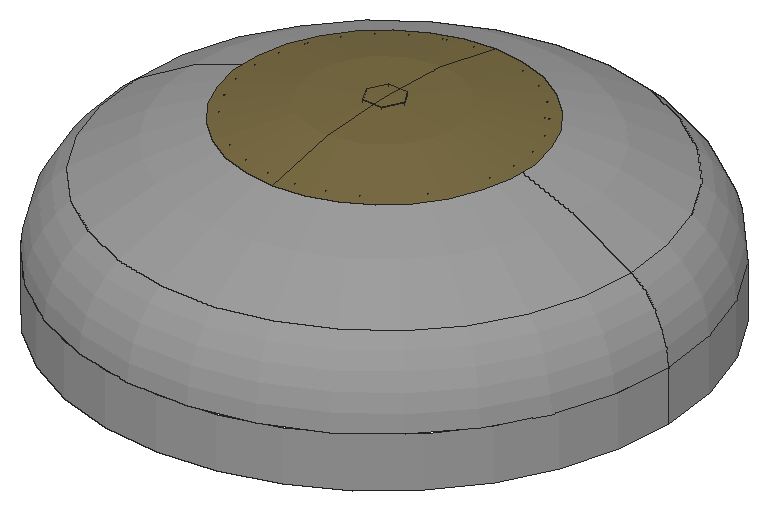
Revit family "MaviGard Fire alarm bell", category Fire Alarm Devices, host Face, Revit 2022
Family settings
  Host = Face
  Round Connector Dimension = Use Diameter
  Part Type = Normal
  OmniClass Number = 23.85.30.21
  OmniClass Title = Environmental Detection/Registration
  Cut with Voids When Loaded = No
  Maintain Annotation Orientation = Yes
  Shared = No
  Room Calculation Point = No
Parameters (values of type "MaviGard Fire alarm bell")
  Weight = "610 gr"
  Weatherproof surface mounting back box = ""
  Warranty Duration Unit = "Year"
  Warranty Duration Parts = "2"
  Warranty Duration Labor = "2"
  Version = ""
  URL = "https://www.mavili.com.tr/en"
  Recessed mounting base = ""
  Public Works Pose Number = "833-598"
  Protection Sign = "IP 51"
  Product Code = "MG-5400"
  Phone Number = "(+)90 216 466 45 05"
  Operatonal Voltage (default) = "24 V/DC"
  Operating voltage range = "18-33V/DC"
  Operating temperature = "(-10°C) - (+55°C)"
  Nominal Depth = "55 mm"
  Nominal Width = "150 mm"
  Nominal Height = "150 mm"
  Mounting surface = "Wall mounting"
  Mounting height = "240 cm above from ground"
  Model = "MaviGard"
  Manufacturer = "Mavili Elektronik Ticaret A.Ş."
  Installation Manual = "https://mavilielektronik.com/Revit/MG5400_kk.pdf"
  Indicator output = ""
  Fax Number = "(+)90 216 466 45 10"
  External supply = ""
  Email = "mavili@mavili.com.tr"
  Disclaimer = ""
  Device Adress Setup = ""
  Description = "Fire alarm bell; 6\", 24V DC"
  Default Elevation = 0 mm
  Current consumption = ""
  Cost unıt = ""
  Cost = 0
  Compatible sockets = ""
  Color = "Red"
  Code Performance = "EN 54-3"
  Main Material = "Red Metal"
  Secondary Material = "Metal"
  Address line 1 = "Şerifali Mahallesi Kutup Sokak No:27/1-2-4 Ümraniye TR-34775 İSTANBUL"
Reference planes
  plane 1 "Center (Front/Back)": y = 0
  plane 2: z = 0
  plane 3 "Center (Left/Right)": x = 0
Forms (mm)
  Revolve 1, solid, material "zil"
    sketch origin (0, 0, 5) x (1, 0, 0) y (0, 0, 1)
      loop
        line (0, 50) -> (0, 0) -> (75, 0) -> (75, 13.378)
        arc (75, 13.378) -> (72.352, 23.98) -> (65.327, 32.351) r 24.31
        arc (65.327, 32.351) -> (34.125, 46.583) -> (0, 50) r 104.989
      axis (0, 0) -> (0, 50)
    angle from 0 to 360
  Extrusion 2, solid, material "Mavili elektronik 1.renk"
    sketch origin (0, 0, 0) x (1, 0, 0) y (0, 1, 0)
      loop
        line (-35, 25) -> (-35, -25) -> (35, -25) -> (35, 25) -> (-35, 25)
    from 0 to 5
  Extrusion 3, solid, material "Mavili elektronik 1.renk"
    sketch origin (-889.532, -7731.113, 55) x (1, 0, 0) y (0, 1, 0)
      loop
        line (894.532, 7731.503) -> (892.032, 7735.833) -> (887.032, 7735.833) -> (884.532, 7731.503) -> (887.032, 7727.173) -> (892.032, 7727.173) -> (894.532, 7731.503)
    from 0 to 1
  Revolve 4, solid, material "Zil siyah"
    sketch origin (0, 0, 0.1) x (0, 1, 0) y (0, 0, 1)
      loop
        arc (0, 55.5) -> (-18.54, 54.874) -> (-36.682, 50.998) r 105.073
        line (-36.682, 50.998) -> (0, 50.998) -> (0, 55.5)
      axis (0, 50.998) -> (0, 55.5)
    angle from 0 to 360
Dimensions and locks
  Extrusion 3 to host face = 56 mm
  aligned and locked: plane 2 to host face
  aligned and locked: level to host face
  aligned and locked: Revolve 1 to Extrusion 2
